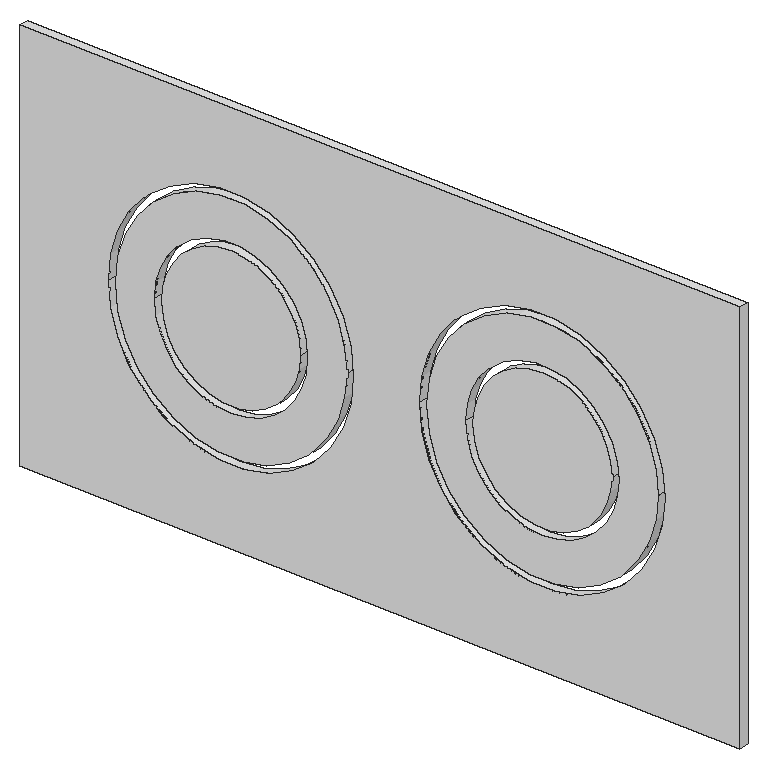
Revit family "MINI-TREND_155x85x2", category Plumbing Fixtures, Revit 2018
Family settings
  Round Connector Dimension = Use Diameter
  Part Type = Normal
  OmniClass Number = 23.45.00.00
  OmniClass Title = Sanitary, Laundry, and Cleaning Equipment
  Work Plane-Based = Yes
  Always vertical = Yes
  Cut with Voids When Loaded = No
  Shared = No
  Room Calculation Point = No
Parameters (values of type "Pneumatique_Inox chromé")
  aux [instance] = if(FRAME_OLI, 0.0 mm, 1000.0 mm)  # 1000.0 mm
  URL = "https://www.regiplast.fr/blog/articles/plaques-de-commande/"
  Product data url = "https://www.regiplast.fr/blog/articles/plaques-de-commande/"
  Model = CONTROL_Model  # "MINI TREND"
  Manufacturer = ""
  FRAME_OLI [instance] = no
  Description = CONTROL_Brief description  # "Plaque de commande double. Anti-vandalisme."
  Default Elevation = 1219.2 mm
  CONTROL_Width = 2.0 mm  # constant formula
  CONTROL_Vandal-proof = "Oui"  # constant formula
  CONTROL_Type/function = "Plaque de Commande pour réservoir à encastrer"  # constant formula
  CONTROL_Type of flush = "Double-Débit"  # constant formula
  Material Button [instance] = Inox Chromé
  Material [instance] = Inox Chromé
  CONTROL_Product data url = "https://www.regiplast.fr/blog/articles/plaques-de-commande/"
  CONTROL_Model code/ref = "1627IC"
  CONTROL_Model Series = "Inox Chromé"
  CONTROL_Model = "MINI TREND"  # constant formula
  CONTROL_Material = "Inox Chromé"
  CONTROL_Length = 155.0 mm  # constant formula
  CONTROL_Height = 85.0 mm  # constant formula
  CONTROL_Brief description = "Plaque de commande double. Anti-vandalisme."  # constant formula
  CONTROL_Actuation type = "Pneumatique"  # constant formula
  BIM object developer = "www.concepsysbim.com"
Types (2, lengths in mm): name | Material Button | Material | CONTROL_Model code/ref | CONTROL_Model Series | CONTROL_Material
  Pneumatique_Inox chromé | Inox Chromé | Inox Chromé | "1627IC" | "Inox Chromé" | "Inox Chromé"
  Pneumatique_Inox Brossé | Inox Brossé | Inox Brossé | "1627IB" | "Inox Brossé" | "Inox Brossé"
Reference planes
  plane 1 "Center (Front/Back)": y = 0
  plane 2: z = 0
  plane 3 "Center (Left/Right)": x = 0
  plane 4: y = -2
  plane 5: x = 115
  plane 6: x = -40
  plane 7: z = 1000
  plane 8: x = -113.092
  plane 9: x = 113.084
  plane 10: z = 927.05
  plane 11: z = 1072.95
  plane 12: x = 113.084
  plane 13: z = 927.05
  plane 14: z = 1072.95
  plane 15: z = 957.5
Forms (mm)
  Extrusion 1, solid, material "Inox Chromé" <- "Material"
    sketch origin (-115, 4.5, 0.154) x (1, 0, 0) y (0, 0, 1)
      loop
        line (37.5, 1042.346) -> (37.5, 957.346) -> (192.5, 957.346) -> (192.5, 1042.346) -> (37.5, 1042.346)
      loop
        circle (83, 999.846) r 26.45
      loop
        circle (150, 999.846) r 26.45
    from 4.5 to 6.5
  Extrusion 2, solid, material "Inox Chromé" <- "Material", not visible
    sketch origin (-115, 0, 0.154) x (1, 0, 0) y (0, 0, 1)
      loop
        line (37.5, 1042.346) -> (37.5, 957.346) -> (192.5, 957.346) -> (192.5, 1042.346) -> (37.5, 1042.346)
      loop
        circle (83, 999.846) r 26.45
      loop
        circle (150, 999.846) r 26.45
    from 4.5 to 6.5
  Extrusion 3, solid, material "Inox Chromé" <- "Material Button"
    sketch origin (0, 0, 0) x (1, 0, 0) y (0, 0, 1)
      loop
        circle (-32, 1000) r 24.95
      loop
        circle (-32, 1000) r 16.5
      loop
        circle (35, 1000) r 24.95
      loop
        circle (35, 1000) r 16.5
      loop
        circle (-32, 1000) r 14.965
      loop
        circle (35, 1000) r 14.965
    from 0 to 2
  Extrusion 4, solid, material "Inox Chromé" <- "Material Button", not visible
    sketch origin (0, -4.5, 0) x (1, 0, 0) y (0, 0, 1)
      loop
        circle (-32, 1000) r 24.95
      loop
        circle (-32, 1000) r 16.5
      loop
        circle (35, 1000) r 24.95
      loop
        circle (35, 1000) r 16.5
      loop
        circle (-32, 1000) r 14.965
      loop
        circle (35, 1000) r 14.965
    from 0 to 2
Dimensions and locks
  "CONTROL_Width": plane 1 "Center (Front/Back)" to plane 4
  "CONTROL_Length": plane 6 to plane 5
  "aux": plane 7 to level
  locked: plane 7 to plane 15 at 42.5
  aligned and locked: level to plane 2
  aligned and locked: Extrusion 1 to plane 15
  aligned and locked: Extrusion 1 to plane 1 "Center (Front/Back)"
  aligned and locked: plane 4 to Extrusion 3
Automatic sketch dimensions
  Extrusion 1 sketch curve to plane 10 = 30.45 mm
  Extrusion 1 sketch curve to plane 9 = 190.584 mm
  Extrusion 1 sketch curve to plane 9 = 35.584 mm
  Extrusion 1 sketch curve to plane 11 = 30.45 mm
  Extrusion 2 sketch curve to plane 13 = 30.45 mm
  Extrusion 2 sketch curve to plane 12 = 190.584 mm
  Extrusion 2 sketch curve to plane 12 = 35.584 mm
  Extrusion 2 sketch curve to plane 14 = 30.45 mm
